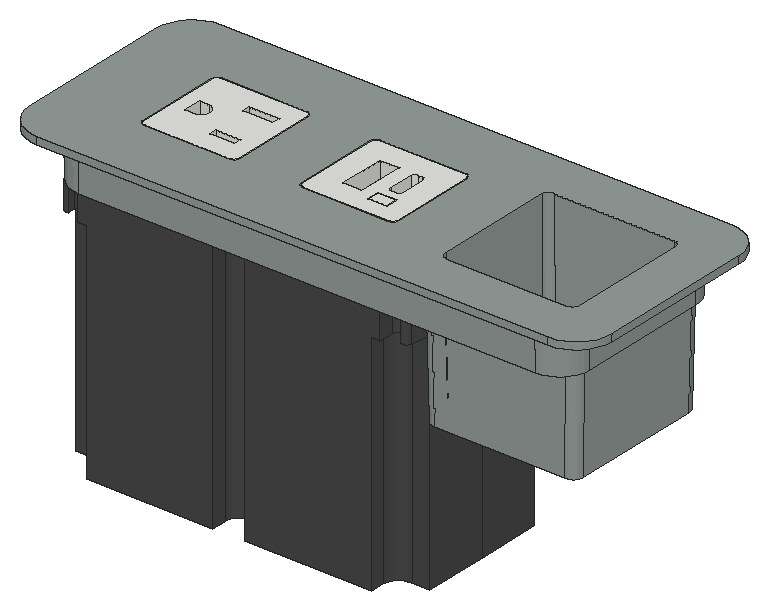
Revit family "Electrical-Teknion-MXPFP_Flush_Power_Module-R2023", category Furniture, Revit 2023 (continued)
Automatic sketch dimensions
  curve 276 to curve 25 = 0.06934"
  curve 273 to plane 7 "Front" = 1.42601"
  curve 273 to curve 28 = 0.06934"
  curve 272 to curve 272 = 0.05809"
  curve 277 to curve 277 = 0.05809"
  curve 271 to plane 7 "Front" = 1.38253"
  curve 272 to curve 271 = 0.02334"
  curve 278 to plane 6 "Back" = 1.38253"
  curve 277 to curve 278 = 0.02334"
  curve 277 to curve 278 = 0.02465"
  curve 271 to plane 7 "Front" = 1.45793"
  curve 272 to curve 271 = 0.02465"
  curve 270 to curve 29 = 0.000"
  curve 279 to curve 25 = 0.000"
  curve 281 to curve 17 = 0.02078"
  curve 268 to curve 21 = 0.02078"
  curve 281 to curve 39 = 0.03068"
  curve 268 to curve 31 = 0.03068"
  curve 233 to curve 267 = 0.00108"
  curve 242 to curve 282 = 0.00108"
  curve 32 to curve 264 = 0.03068"
  curve 38 to curve 284 = 0.03068"
  curve 263 to plane 7 "Front" = 1.29901"
  curve 21 to curve 263 = 0.02078"
  curve 24 to curve 285 = 0.02078"
  curve 286 to plane 6 "Back" = 1.45793"
  curve 286 to curve 37 = 0.08249"
  curve 263 to plane 7 "Front" = 1.45793"
  curve 263 to curve 33 = 0.08249"
  curve 262 to curve 33 = 0.000"
  curve 253 to curve 37 = 0.000"
  curve 254 to plane 6 "Back" = 1.38253"
  curve 253 to curve 254 = 0.00132"
  curve 261 to plane 7 "Front" = 1.38253"
  curve 262 to curve 261 = 0.00132"
  curve 262 to curve 260 = 0.02465"
  curve 253 to curve 255 = 0.02465"
  curve 259 to plane 7 "Front" = 1.42601"
  curve 260 to curve 259 = 0.05809"
  curve 256 to plane 6 "Back" = 1.42601"
  curve 255 to curve 256 = 0.05809"
  curve 257 to plane 6 "Back" = 1.63365"
  curve 257 to curve 24 = 0.03215"
  curve 258 to plane 7 "Front" = 1.63365"
  curve 258 to curve 23 = 0.03215"
  curve 247 to curve 257 = 0.09843"
  curve 284 to curve 252 = 0.06215"
  curve 278 to curve 277 = 0.02112"
  plane 1 "Center Front/Back" to curve 302 = 0.000"
  curve 184 to curve 305 = 0.00012"
  curve 298 to plane 7 "Front" = 1.45646"
  curve 208 to curve 298 = 0.00012"
  curve 114 to curve 304 = 0.00052"
  curve 110 to curve 299 = 0.00052"
  curve 300 to curve 111 = 0.0106"
  curve 303 to curve 113 = 0.0106"
  curve 302 to curve 63 = 0.22469"
  curve 302 to curve 113 = 0.04372"
  plane 1 "Center Front/Back" to curve 330 = 0.000"
  plane 1 "Center Front/Back" to curve 313 = 0.000"
  curve 195 to curve 330 = 0.00028"
  curve 194 to curve 332 = 0.00028"
  curve 196 to curve 329 = 0.00028"
  curve 198 to curve 329 = 0.00028"
  curve 193 to curve 332 = 0.00028"
  curve 193 to curve 333 = 0.00028"
  curve 198 to curve 328 = 0.00028"
  curve 193 to curve 334 = 0.00028"
  curve 327 to plane 7 "Front" = 1.38253"
  curve 198 to curve 327 = 0.00028"
  curve 199 to curve 327 = 0.00028"
  curve 191 to curve 334 = 0.00028"
  curve 191 to curve 335 = 0.00028"
  curve 200 to curve 326 = 0.00028"
  curve 338 to plane 6 "Back" = 1.45958"
  curve 323 to plane 7 "Front" = 1.45958"
  curve 110 to curve 320 = 0.03083"
  curve 115 to curve 308 = 0.03083"
  curve 308 to curve 90 = 0.08193"
  curve 319 to plane 7 "Front" = 1.45793"
  curve 319 to curve 82 = 0.08193"
  curve 318 to curve 299 = 0.000"
  curve 309 to curve 304 = 0.000"
  curve 317 to plane 7 "Front" = 1.38253"
  curve 317 to curve 82 = 0.06491"
  curve 310 to plane 6 "Back" = 1.38253"
  curve 310 to curve 90 = 0.06491"
  curve 318 to curve 316 = 0.02465"
  curve 309 to curve 311 = 0.02465"
  curve 315 to plane 7 "Front" = 1.42601"
  curve 315 to curve 220 = 0.01272"
  curve 312 to plane 6 "Back" = 1.42601"
  curve 312 to curve 211 = 0.01272"
  curve 314 to curve 120 = 0.01288"
  curve 312 to curve 119 = 0.01288"
  curve 301 to curve 313 = 0.09843"
  curve 198 to curve 329 = 0.000"
  curve 199 to curve 327 = 0.000"
  curve 196 to curve 329 = 0.000"
  curve 120 to curve 315 = 0.01926"
  curve 194 to curve 331 = 0.000"
  curve 313 to curve 119 = 0.01926"
  curve 310 to curve 311 = 0.02112"
  curve 191 to curve 335 = 0.000"
  curve 193 to curve 333 = 0.000"
  curve 193 to curve 332 = 0.000"
  curve 42 to curve 146 = 0.000"  (x2)
  curve 44 to curve 148 = 0.000"  (x2)
  curve 46 to curve 150 = 0.000"  (x2)
  curve 48 to curve 152 = 0.000"  (x2)
  curve 50 to curve 154 = 0.000"  (x2)
  curve 52 to curve 156 = 0.000"  (x2)
  curve 54 to curve 158 = 0.000"  (x2)
  curve 56 to curve 160 = 0.000"  (x2)
  curve 66 to curve 94 = 0.000"
  curve 68 to curve 96 = 0.000"  (x2)
  curve 70 to curve 98 = 0.000"  (x2)
  curve 72 to curve 100 = 0.000"  (x2)
  curve 75 to curve 103 = 0.000"
  curve 77 to curve 105 = 0.000"
  curve 31 to plane 3 "Center Left/Right" = 0.000"
  curve 39 to plane 3 "Center Left/Right" = 0.000"
  curve 197 to curve 77 = 0.01762"
  curve 194 to curve 76 = 0.01762"
  curve 202 to curve 231 = 0.09324"
  curve 47 to curve 45 = 0.06889"
  curve 20 to curve 273 = 0.07075"
  curve 19 to curve 276 = 0.07075"
  curve 27 to curve 25 = 0.05199"
  curve 26 to curve 25 = 0.02063"
  curve 28 to curve 28 = 0.03136"
  curve 279 to curve 240 = 0.08249"
  curve 270 to curve 270 = 0.08249"
  curve 269 to curve 233 = 0.09296"
  curve 280 to curve 241 = 0.09296"
  curve 30 to curve 233 = 0.06266"
  curve 40 to curve 241 = 0.06266"
  curve 18 to curve 5 = 0.23707"
  curve 5 to curve 6 = 0.06889"
  curve 4 to curve 3 = 0.06889"
  curve 188 to curve 338 = 0.00033"
  curve 204 to curve 322 = 0.00033"
  curve 339 to curve 55 = 0.16565"
  curve 55 to curve 153 = 0.06889"
  curve 8 to curve 1 = 0.06889"
  curve 281 to plane 3 "Center Left/Right" = 0.17994"
  curve 268 to plane 3 "Center Left/Right" = 0.17994"
  curve 32 to curve 265 = 0.02787"
  curve 38 to curve 284 = 0.02787"
  plane 3 "Center Left/Right" to curve 15 = 0.34311"
  curve 16 to curve 9 = 0.06889"
  curve 15 to curve 13 = 0.06889"
  curve 50 to curve 301 = 0.4615"
  curve 136 to curve 62 = 0.04984"
  curve 136 to curve 57 = 0.04984"
  curve 142 to curve 243 = 0.09714"
  curve 137 to curve 252 = 0.09714"
  curve 37 to curve 17 = 0.00952"
  curve 33 to curve 21 = 0.00952"
  curve 263 to curve 245 = 0.08249"
  curve 251 to curve 286 = 0.09471"
  curve 245 to curve 247 = 0.1054"
  curve 249 to curve 248 = 0.1054"
  plane 5 "Right" to curve 247 = 0.47224"
  curve 36 to curve 35 = 0.03136"
  curve 21 to curve 268 = 0.01944"
  curve 32 to curve 243 = 0.02983"
  curve 31 to curve 266 = 0.00309"
  curve 245 to curve 33 = 0.00003"
  curve 235 to curve 29 = 0.00003"
  curve 34 to curve 246 = 0.04372"
  curve 13 to curve 157 = 0.000"
  curve 47 to curve 66 = 0.26658"
  curve 160 to plane 1 "Center Front/Back" = 0.47383"
  curve 248 to curve 36 = 0.04372"
  curve 238 to curve 27 = 0.04372"
  curve 37 to curve 250 = 0.00003"
  curve 283 to curve 39 = 0.00309"
  curve 25 to curve 240 = 0.00003"
Nested families (in)
  nested 1: "Body 2" at (0, 0, 0), visible <- "Body 2 - C & 2R", type "Body 2"
    with To render please download texture images found here "https://assets.teknion.com/web/5e81352c1dfdb467/revit-material-swatches/", How To Use Teknion Materials User Guide "https://assets.teknion.com/m/205dd0a49fa58060/original/How-to-add-a-Material-Library-and-Texture-Images-to-your-Revit-project.pdf", For Additional Finishes please visit "https://assets.teknion.com/m/44a8009b046e5d47/original/Teknion_Materials_Library.zip"
  nested 2: "Body 3" at (0, 0, 0), visible <- "Body 3 - 3R", type "Body 3"
    with To render please download texture images found here "https://assets.teknion.com/web/5e81352c1dfdb467/revit-material-swatches/", How To Use Teknion Materials User Guide "https://assets.teknion.com/m/205dd0a49fa58060/original/How-to-add-a-Material-Library-and-Texture-Images-to-your-Revit-project.pdf", For Additional Finishes please visit "https://assets.teknion.com/m/44a8009b046e5d47/original/Teknion_Materials_Library.zip"
  nested 3: "Receptacle - Power" at (-1.34996, 0.0494, 1.38382) x (0, -1, 0) z (0, 0, 1), visible <- "Dual - 1 - Power", Receptacle Finish <- "Receptacle Finish", type "Receptacle - Power"
    with To render please download texture images found here "https://assets.teknion.com/web/5e81352c1dfdb467/revit-material-swatches/", Receptacle Finish Plastic - Teknion - 8D - Atrium White, How To Use Teknion Materials User Guide "https://assets.teknion.com/m/205dd0a49fa58060/original/How-to-add-a-Material-Library-and-Texture-Images-to-your-Revit-project.pdf", For Additional Finishes please visit "https://assets.teknion.com/m/44a8009b046e5d47/original/Teknion_Materials_Library.zip"
  nested 4: "Receptacle - USB - A + C (18W)" at (0.83643, -0.46413, 1.38382), visible <- "Dual - 2 - USB (18W)", Receptacle Finish <- "Receptacle Finish", type "Receptacle - USB - A + C (18W)"
    with To render please download texture images found here "https://assets.teknion.com/web/5e81352c1dfdb467/revit-material-swatches/", Receptacle Finish Plastic - Teknion - 8D - Atrium White, How To Use Teknion Materials User Guide "https://assets.teknion.com/m/205dd0a49fa58060/original/How-to-add-a-Material-Library-and-Texture-Images-to-your-Revit-project.pdf", For Additional Finishes please visit "https://assets.teknion.com/m/44a8009b046e5d47/original/Teknion_Materials_Library.zip"
  nested 5: "Receptacle - USB - A + C (65W)" at (0.83643, -0.46413, 1.38382), visible <- "Dual - 2 - USB (65W)", Receptacle Finish <- "Receptacle Finish", type "Receptacle - USB - A + C (65W)"
    with To render please download texture images found here "https://assets.teknion.com/web/5e81352c1dfdb467/revit-material-swatches/", Receptacle Finish Plastic - Teknion - 8D - Atrium White, How To Use Teknion Materials User Guide "https://assets.teknion.com/m/205dd0a49fa58060/original/How-to-add-a-Material-Library-and-Texture-Images-to-your-Revit-project.pdf", For Additional Finishes please visit "https://assets.teknion.com/m/44a8009b046e5d47/original/Teknion_Materials_Library.zip"
  nested 6: "Body 2" at (-0.88555, 0, 0), visible <- "Body 2 - T", type "Body 2"
    with To render please download texture images found here "https://assets.teknion.com/web/5e81352c1dfdb467/revit-material-swatches/", How To Use Teknion Materials User Guide "https://assets.teknion.com/m/205dd0a49fa58060/original/How-to-add-a-Material-Library-and-Texture-Images-to-your-Revit-project.pdf", For Additional Finishes please visit "https://assets.teknion.com/m/44a8009b046e5d47/original/Teknion_Materials_Library.zip"
  nested 7: "Receptacle - Power" at (0.42169, 0.0494, 1.38382) x (0, -1, 0) z (0, 0, 1), visible <- "Dual - 2 - Power", Receptacle Finish <- "Receptacle Finish", type "Receptacle - Power"
    with To render please download texture images found here "https://assets.teknion.com/web/5e81352c1dfdb467/revit-material-swatches/", Receptacle Finish Plastic - Teknion - 8D - Atrium White, How To Use Teknion Materials User Guide "https://assets.teknion.com/m/205dd0a49fa58060/original/How-to-add-a-Material-Library-and-Texture-Images-to-your-Revit-project.pdf", For Additional Finishes please visit "https://assets.teknion.com/m/44a8009b046e5d47/original/Teknion_Materials_Library.zip"
  nested 8: "Receptacle - Power" at (-2.23576, 0.0494, 1.38382) x (0, -1, 0) z (0, 0, 1), visible <- "Triple - 1 - Power", Receptacle Finish <- "Receptacle Finish", type "Receptacle - Power"
    with To render please download texture images found here "https://assets.teknion.com/web/5e81352c1dfdb467/revit-material-swatches/", Receptacle Finish Plastic - Teknion - 8D - Atrium White, How To Use Teknion Materials User Guide "https://assets.teknion.com/m/205dd0a49fa58060/original/How-to-add-a-Material-Library-and-Texture-Images-to-your-Revit-project.pdf", For Additional Finishes please visit "https://assets.teknion.com/m/44a8009b046e5d47/original/Teknion_Materials_Library.zip"
  nested 9: "Receptacle - Power" at (-0.46413, 0.0494, 1.38382) x (0, -1, 0) z (0, 0, 1), visible <- "Triple - 2 - Power", Receptacle Finish <- "Receptacle Finish", type "Receptacle - Power"
    with To render please download texture images found here "https://assets.teknion.com/web/5e81352c1dfdb467/revit-material-swatches/", Receptacle Finish Plastic - Teknion - 8D - Atrium White, How To Use Teknion Materials User Guide "https://assets.teknion.com/m/205dd0a49fa58060/original/How-to-add-a-Material-Library-and-Texture-Images-to-your-Revit-project.pdf", For Additional Finishes please visit "https://assets.teknion.com/m/44a8009b046e5d47/original/Teknion_Materials_Library.zip"
  nested 10: "Receptacle - USB - A + C (65W)" at (1.72222, -0.46413, 1.38382), visible <- "Triple - 3 - USB (65W)", Receptacle Finish <- "Receptacle Finish", type "Receptacle - USB - A + C (65W)"
    with To render please download texture images found here "https://assets.teknion.com/web/5e81352c1dfdb467/revit-material-swatches/", Receptacle Finish Plastic - Teknion - 8D - Atrium White, How To Use Teknion Materials User Guide "https://assets.teknion.com/m/205dd0a49fa58060/original/How-to-add-a-Material-Library-and-Texture-Images-to-your-Revit-project.pdf", For Additional Finishes please visit "https://assets.teknion.com/m/44a8009b046e5d47/original/Teknion_Materials_Library.zip"
  nested 11: "Receptacle - USB - A + C (18W)" at (1.72222, -0.46413, 1.38382), visible <- "Triple - 3 - USB (18W)", Receptacle Finish <- "Receptacle Finish", type "Receptacle - USB - A + C (18W)"
    with To render please download texture images found here "https://assets.teknion.com/web/5e81352c1dfdb467/revit-material-swatches/", Receptacle Finish Plastic - Teknion - 8D - Atrium White, How To Use Teknion Materials User Guide "https://assets.teknion.com/m/205dd0a49fa58060/original/How-to-add-a-Material-Library-and-Texture-Images-to-your-Revit-project.pdf", For Additional Finishes please visit "https://assets.teknion.com/m/44a8009b046e5d47/original/Teknion_Materials_Library.zip"
  nested 12: "Receptacle - Power" at (1.30749, 0.0494, 1.38382) x (0, -1, 0) z (0, 0, 1), visible <- "Triple - 3 - Power", Receptacle Finish <- "Receptacle Finish", type "Receptacle - Power"
    with To render please download texture images found here "https://assets.teknion.com/web/5e81352c1dfdb467/revit-material-swatches/", Receptacle Finish Plastic - Teknion - 8D - Atrium White, How To Use Teknion Materials User Guide "https://assets.teknion.com/m/205dd0a49fa58060/original/How-to-add-a-Material-Library-and-Texture-Images-to-your-Revit-project.pdf", For Additional Finishes please visit "https://assets.teknion.com/m/44a8009b046e5d47/original/Teknion_Materials_Library.zip"
  nested 13: "Receptacle - USB - A + C (65W)" at (-0.0494, -0.46413, 1.38382), visible <- "Triple - 2 - USB (65W)", Receptacle Finish <- "Receptacle Finish", type "Receptacle - USB - A + C (65W)"
    with To render please download texture images found here "https://assets.teknion.com/web/5e81352c1dfdb467/revit-material-swatches/", Receptacle Finish Plastic - Teknion - 8D - Atrium White, How To Use Teknion Materials User Guide "https://assets.teknion.com/m/205dd0a49fa58060/original/How-to-add-a-Material-Library-and-Texture-Images-to-your-Revit-project.pdf", For Additional Finishes please visit "https://assets.teknion.com/m/44a8009b046e5d47/original/Teknion_Materials_Library.zip"
  nested 14: "Receptacle - USB - A + C (18W)" at (-0.0494, -0.46413, 1.38382), visible <- "Triple - 2 - USB (18W)", Receptacle Finish <- "Receptacle Finish", type "Receptacle - USB - A + C (18W)"
    with To render please download texture images found here "https://assets.teknion.com/web/5e81352c1dfdb467/revit-material-swatches/", Receptacle Finish Plastic - Teknion - 8D - Atrium White, How To Use Teknion Materials User Guide "https://assets.teknion.com/m/205dd0a49fa58060/original/How-to-add-a-Material-Library-and-Texture-Images-to-your-Revit-project.pdf", For Additional Finishes please visit "https://assets.teknion.com/m/44a8009b046e5d47/original/Teknion_Materials_Library.zip"
  nested 15: "Teknion_2D_Node_Family-R2016" at (0, 0, 0), type "Teknion_2D_Node_Family-R2016"
Definition of nested family "Body 2"
  Parameters (values of type "Body 2")
    Warranty = "http://www.teknion.com/ca/papers/legal-canada"
    Unit Weight URL = "http://www.teknion.com/ca/tools/assets#&asset=bee6a381-b954-425e-8283-5a2de3a804f2,f828d448-4b62-4231-9e5f-9a8991c0ed77"
    URL = "www.teknion.com"
    To render please download texture images found here [instance] = "https://assets.teknion.com/web/5e81352c1dfdb467/revit-material-swatches/"
    Sustainability Data = "https://www.teknion.com/ca/tools/assets#&topic=216f99a5-57a0-44fc-b10a-9dee9b29ae4c&asset=444deb64-fe58-4b68-981e-f75e97781df7,b4ff2d81-9f2e-437d-9659-7cffb09c31cf"
    Series = ""
    Product Page URL = ""
    Product Line = ""
    Product Documentation Link = ""
    Part Number = ""
    Model = ""
    Manufacturer Phone = "416-661-3370"  # constant formula
    Manufacturer Fax = "416.661.4586"  # constant formula
    Manufacturer Contact Information = "http://www.teknion.com/ca/contactus"
    Manufacturer Address = "1150 Flint Road, Toronto, ON. M3J 2J5. Canada"  # constant formula
    Manufacturer = "Teknion"  # constant formula
    How To Use Teknion Materials User Guide [instance] = "https://assets.teknion.com/m/205dd0a49fa58060/original/How-to-add-a-Material-Library-and-Texture-Images-to-your-Revit-project.pdf"
    For Additional Finishes please visit [instance] = "https://assets.teknion.com/m/44a8009b046e5d47/original/Teknion_Materials_Library.zip"
    Description = "Body 2"
    Default Elevation = 0.000"
    Assembly Code = "E2020200"
  Reference planes (in)
    plane 1 "Center Front/Back": y = 0
    plane 2: z = 0
    plane 3 "Center Left/Right": x = 0
    plane 4 "Left": x = -1.98819
    plane 5 "Right": x = 1.98819
    plane 6 "Back": y = 1.06299
    plane 7 "Front": y = -1.06299
    plane 8 "Top": z = 28.99038
    plane 9: z = 25.69291
  Forms (in)
    Sweep 1, solid
      path origin (0, 0, 0) x (1, 0, 0) y (0, 0, 1)
        loop
          line (0, 28.99038) -> (0, 25.69291)
      profile origin (0, 0, 27.34165) x (0, -1, 0) y (1, 0, 0)
        loop
          line (0, -1.98819) -> (0.72835, -1.97548) -> (0.93599, -1.93688)
          arc (0.93599, -1.93688) -> (0.97731, -1.90662) -> (0.97947, -1.85546) r 0.05908
          line (0.97947, -1.85546) -> (0.90407, -1.85414)
          arc (0.90407, -1.85414) -> (0.82158, -1.77165) -> (0.90407, -1.68917) r 0.08249
          line (0.90407, -1.68917) -> (1.06299, -1.68639) -> (1.06299, -0.17994) -> (0.90242, -0.17714)
          arc (0.90242, -0.17714) -> (0.72528, 0) -> (0.90242, 0.17714) r 0.17714
          line (0.90242, 0.17714) -> (1.06299, 0.17994) -> (1.06299, 1.68639) -> (0.90407, 1.68917)
          arc (0.90407, 1.68917) -> (0.82158, 1.77165) -> (0.90407, 1.85414) r 0.08249
          line (0.90407, 1.85414) -> (0.97947, 1.85546)
          arc (0.97947, 1.85546) -> (0.97731, 1.90662) -> (0.93599, 1.93688) r 0.05908
          line (0.93599, 1.93688) -> (0.72835, 1.97548) -> (0, 1.98819) -> (-0.72835, 1.97548) -> (-0.93599, 1.93688)
          arc (-0.93599, 1.93688) -> (-0.97731, 1.90662) -> (-0.97947, 1.85546) r 0.05908
          line (-0.97947, 1.85546) -> (-0.90407, 1.85414)
          arc (-0.90407, 1.85414) -> (-0.82158, 1.77165) -> (-0.90407, 1.68917) r 0.08249
          line (-0.90407, 1.68917) -> (-1.06299, 1.68639) -> (-1.06299, 0.17994) -> (-0.90242, 0.17714)
          arc (-0.90242, 0.17714) -> (-0.72528, 0) -> (-0.90242, -0.17714) r 0.17714
          line (-0.90242, -0.17714) -> (-1.06299, -0.17994) -> (-1.06299, -1.68639) -> (-0.90407, -1.68917)
          arc (-0.90407, -1.68917) -> (-0.82158, -1.77165) -> (-0.90407, -1.85414) r 0.08249
          line (-0.90407, -1.85414) -> (-0.97947, -1.85546)
          arc (-0.97947, -1.85546) -> (-0.97731, -1.90662) -> (-0.93599, -1.93688) r 0.05908
          line (-0.93599, -1.93688) -> (-0.72835, -1.97548) -> (0, -1.98819)
    Sweep 2, void
      path origin (0, 0, 0) x (1, 0, 0) y (0, 0, 1)
        loop
          line (0, 28.23115) -> (0, 24.98115)
      profile origin (0, 0, 26.60615) x (0, -1, 0) y (1, 0, 0)
        loop
          line (-0.90554, -1.59446) -> (-1.06299, -1.59171) -> (-1.06299, -1.98819) -> (-0.72835, -1.98819) -> (-0.72835, -1.77165)
          arc (-0.72835, -1.77165) -> (-0.78025, -1.64636) -> (-0.90554, -1.59446) r 0.17719
        loop
          arc (-0.90554, 1.59446) -> (-0.78025, 1.64636) -> (-0.72835, 1.77165) r 0.17719
          line (-0.72835, 1.77165) -> (-0.72835, 1.98819) -> (-1.06299, 1.98819) -> (-1.06299, 1.59171) -> (-0.90554, 1.59446)
        loop
          arc (0.90554, -1.59446) -> (0.78025, -1.64636) -> (0.72835, -1.77165) r 0.17719
          line (0.72835, -1.77165) -> (0.72835, -1.98819) -> (1.06299, -1.98819) -> (1.06299, -1.59171) -> (0.90554, -1.59446)
        loop
          line (0.90554, 1.59446) -> (1.06299, 1.59171) -> (1.06299, 1.98819) -> (0.72835, 1.98819) -> (0.72835, 1.77165)
          arc (0.72835, 1.77165) -> (0.78025, 1.64636) -> (0.90554, 1.59446) r 0.17719
    Sweep 3, void
      path origin (0, 0, 0) x (1, 0, 0) y (0, 0, 1)
        loop
          line (0, 29.24673) -> (0, 28.52756)
      profile origin (0, 0, 28.88715) x (0, -1, 0) y (1, 0, 0)
        loop
          line (0, -1.88976) -> (0.72835, -1.87705) -> (0.72835, -1.77165)
          arc (0.72835, -1.77165) -> (0.78025, -1.64636) -> (0.90554, -1.59446) r 0.17719
          line (0.90554, -1.59446) -> (0.96457, -1.59343) -> (0.96457, 1.59343) -> (0.90554, 1.59446)
          arc (0.90554, 1.59446) -> (0.78025, 1.64636) -> (0.72835, 1.77165) r 0.17719
          line (0.72835, 1.77165) -> (0.72835, 1.87705) -> (0, 1.88976) -> (-0.72835, 1.87705) -> (-0.72835, 1.77165)
          arc (-0.72835, 1.77165) -> (-0.78025, 1.64636) -> (-0.90554, 1.59446) r 0.17719
          line (-0.90554, 1.59446) -> (-0.96457, 1.59343) -> (-0.96457, -1.59343) -> (-0.90554, -1.59446)
          arc (-0.90554, -1.59446) -> (-0.78025, -1.64636) -> (-0.72835, -1.77165) r 0.17719
          line (-0.72835, -1.77165) -> (-0.72835, -1.87705) -> (0, -1.88976)
        loop
          line (-1.26924, -2.33388) -> (1.37236, -2.33388) -> (1.37236, 2.41612) -> (-1.26924, 2.41612) -> (-1.26924, -2.33388)
    Sweep 4, void
      path origin (0, 0, 0) x (1, 0, 0) y (0, 0, 1)
        loop
          line (0, 28.87913) -> (0, 29.37913)
      profile origin (0, 0, 29.12913) x (-1, 0, 0) y (0, -1, 0)
        loop
          line (1.42743, -0.55118) -> (1.42743, 0.55118) -> (0.34427, 0.55118) -> (0.34427, -0.55118) -> (1.42743, -0.55118)
        loop
          line (-0.3443, -0.55118) -> (-0.3443, 0.55118) -> (-1.42739, 0.55118) -> (-1.42739, -0.55118) -> (-0.3443, -0.55118)
  Cuts and joins
    Sweep 2, Sweep 3, Sweep 4 cuts Sweep 1
  Lines and regions (in)
    symbolic lines
      curve 1: line (-0.17994, 1.06299, 0) -> (-1.68639, 1.06299, 0)
      curve 2: line (-1.68639, 1.06299, 0) -> (-1.68917, 0.90407, 0)
      curve 3: arc (-1.68917, 0.90407, 0) -> (-1.77165, 0.82158, 0) -> (-1.85414, 0.90407, 0) r 0.08249
      curve 4: line (-1.85414, 0.90407, 0) -> (-1.85546, 0.97947, 0)
      curve 5: arc (-1.85546, 0.97947, 0) -> (-1.90662, 0.97731, 0) -> (-1.93688, 0.93599, 0) r 0.05908
      curve 6: line (-1.93688, 0.93599, 0) -> (-1.97548, 0.72835, 0)
      curve 7: line (-1.97548, 0.72835, 0) -> (-1.98819, 0, 0)
      curve 8: line (-0.17714, 0.90242, 0) -> (-0.17994, 1.06299, 0)
      curve 9: arc (0.17714, 0.90242, 0) -> (0, 0.72528, 0) -> (-0.17714, 0.90242, 0) r 0.17714
      curve 10: line (-1.59343, 0.96457, 0) -> (-0.17822, 0.96457, 0)
      curve 11: arc (-1.77165, 0.72835, 0) -> (-1.64636, 0.78025, 0) -> (-1.59446, 0.90554, 0) r 0.17719
      curve 12: line (-1.59446, 0.90554, 0) -> (-1.59343, 0.96457, 0)
      curve 13: line (-1.88976, 0, 0) -> (-1.87705, 0.72835, 0)
      curve 14: line (-1.87705, 0.72835, 0) -> (-1.77165, 0.72835, 0)
      curve 15: line (-0.34427, 0.55118, 0) -> (-1.42743, 0.55118, 0)
      curve 16: line (-1.42743, 0.55118, 0) -> (-1.42743, -0.55118, 0)
      curve 17: line (-0.34427, -0.55118, 0) -> (-0.34427, 0.55118, 0)
      curve 18: line (0.17994, 1.06299, 0) -> (1.68639, 1.06299, 0)
      curve 19: line (1.68639, 1.06299, 0) -> (1.68917, 0.90407, 0)
      curve 20: arc (1.68917, 0.90407, 0) -> (1.77165, 0.82158, 0) -> (1.85414, 0.90407, 0) r 0.08249
      curve 21: line (1.85414, 0.90407, 0) -> (1.85546, 0.97947, 0)
      curve 22: arc (1.85546, 0.97947, 0) -> (1.90662, 0.97731, 0) -> (1.93688, 0.93599, 0) r 0.05908
      curve 23: line (1.93688, 0.93599, 0) -> (1.97548, 0.72835, 0)
      curve 24: line (1.97548, 0.72835, 0) -> (1.98819, 0, 0)
      curve 25: line (0.17714, 0.90242, 0) -> (0.17994, 1.06299, 0)
      curve 26: line (1.59343, 0.96457, 0) -> (0.17822, 0.96457, 0)
      curve 27: arc (1.77165, 0.72835, 0) -> (1.64636, 0.78025, 0) -> (1.59446, 0.90554, 0) r 0.17719
      curve 28: line (1.59446, 0.90554, 0) -> (1.59343, 0.96457, 0)
      curve 29: line (1.88976, 0, 0) -> (1.87705, 0.72835, 0)
      curve 30: line (1.87705, 0.72835, 0) -> (1.77165, 0.72835, 0)
      curve 31: line (0.34427, 0.55118, 0) -> (1.42743, 0.55118, 0)
      curve 32: line (1.42743, 0.55118, 0) -> (1.42743, -0.55118, 0)
      curve 33: line (0.34427, -0.55118, 0) -> (0.34427, 0.55118, 0)
      curve 34: line (-0.17994, -1.06299, 0) -> (-1.68639, -1.06299, 0)
      curve 35: line (-1.68639, -1.06299, 0) -> (-1.68917, -0.90407, 0)
      curve 36: arc (-1.68917, -0.90407, 0) -> (-1.77165, -0.82158, 0) -> (-1.85414, -0.90407, 0) r 0.08249
      curve 37: line (-1.85414, -0.90407, 0) -> (-1.85546, -0.97947, 0)
      curve 38: arc (-1.85546, -0.97947, 0) -> (-1.90662, -0.97731, 0) -> (-1.93688, -0.93599, 0) r 0.05908
      curve 39: line (-1.93688, -0.93599, 0) -> (-1.97548, -0.72835, 0)
      curve 40: line (-1.97548, -0.72835, 0) -> (-1.98819, 0, 0)
      curve 41: line (-0.17714, -0.90242, 0) -> (-0.17994, -1.06299, 0)
      curve 42: arc (0.17714, -0.90242, 0) -> (0, -0.72528, 0) -> (-0.17714, -0.90242, 0) r 0.17714
      curve 43: line (-1.59343, -0.96457, 0) -> (-0.17822, -0.96457, 0)
      curve 44: arc (-1.77165, -0.72835, 0) -> (-1.64636, -0.78025, 0) -> (-1.59446, -0.90554, 0) r 0.17719
      curve 45: line (-1.59446, -0.90554, 0) -> (-1.59343, -0.96457, 0)
      curve 46: line (-1.88976, 0, 0) -> (-1.87705, -0.72835, 0)
      curve 47: line (-1.87705, -0.72835, 0) -> (-1.77165, -0.72835, 0)
      curve 48: line (-0.34427, -0.55118, 0) -> (-1.42743, -0.55118, 0)
      curve 49: line (0.17994, -1.06299, 0) -> (1.68639, -1.06299, 0)
      curve 50: line (1.68639, -1.06299, 0) -> (1.68917, -0.90407, 0)
      curve 51: arc (1.68917, -0.90407, 0) -> (1.77165, -0.82158, 0) -> (1.85414, -0.90407, 0) r 0.08249
      curve 52: line (1.85414, -0.90407, 0) -> (1.85546, -0.97947, 0)
      curve 53: arc (1.85546, -0.97947, 0) -> (1.90662, -0.97731, 0) -> (1.93688, -0.93599, 0) r 0.05908
      curve 54: line (1.93688, -0.93599, 0) -> (1.97548, -0.72835, 0)
      curve 55: line (1.97548, -0.72835, 0) -> (1.98819, 0, 0)
      curve 56: line (0.17714, -0.90242, 0) -> (0.17994, -1.06299, 0)
      curve 57: line (1.59343, -0.96457, 0) -> (0.17822, -0.96457, 0)
      curve 58: arc (1.77165, -0.72835, 0) -> (1.64636, -0.78025, 0) -> (1.59446, -0.90554, 0) r 0.17719
      curve 59: line (1.59446, -0.90554, 0) -> (1.59343, -0.96457, 0)
      curve 60: line (1.88976, 0, 0) -> (1.87705, -0.72835, 0)
      curve 61: line (1.87705, -0.72835, 0) -> (1.77165, -0.72835, 0)
      curve 62: line (0.34427, -0.55118, 0) -> (1.42743, -0.55118, 0)
    symbolic lines, detail levels medium+fine
      curve 63: line (-1.59446, 0.90554, 0) -> (-1.59171, 1.06299, 0)
      curve 64: line (-1.97548, 0.72835, 0) -> (-1.77165, 0.72835, 0)
      curve 65: line (-1.77165, -0.72835, 0) -> (-1.97548, -0.72835, 0)
      curve 66: line (-1.59171, -1.06299, 0) -> (-1.59446, -0.90554, 0)
      curve 67: line (1.59446, -0.90554, 0) -> (1.59171, -1.06299, 0)
      curve 68: line (1.97548, -0.72835, 0) -> (1.77165, -0.72835, 0)
      curve 69: line (1.77165, 0.72835, 0) -> (1.97548, 0.72835, 0)
      curve 70: line (1.59171, 1.06299, 0) -> (1.59446, 0.90554, 0)
  Dimensions and locks (in)
    plane 4 "Left" to plane 5 "Right" = 3.97638"
    plane 6 "Back" to plane 7 "Front" = 2.12598"
    locked: plane 8 "Top" to level at 28.99038
    equal spacing: plane 6 "Back", plane 1 "Center Front/Back", plane 7 "Front"
    equal spacing: plane 4 "Left", plane 3 "Center Left/Right", plane 5 "Right"
    locked: plane 8 "Top" to plane 9 at 3.29747
    aligned and locked: level to plane 2
    aligned and locked: Sweep 1 sketch curve to plane 3 "Center Left/Right"
    aligned and locked: Sweep 2 sketch curve to plane 3 "Center Left/Right"
    aligned and locked: Sweep 3 sketch curve to plane 3 "Center Left/Right"
    aligned and locked: plane 3 "Center Left/Right" to Sweep 4 sketch curve
  Automatic sketch dimensions
    Sweep 1 sketch curve to plane 9 = 0.000"
    plane 8 "Top" to Sweep 1 sketch curve = 0.000"
    Sweep 1 sketch curve to profile plane = 0.000"  (x2)
    Sweep 1 sketch curve to plane 1 "Center Front/Back" = 0.000"
    plane 1 "Center Front/Back" to Sweep 1 sketch curve = 0.000"
    Sweep 1 sketch curve to plane 1 "Center Front/Back" = 0.72835"  (x2)
    Sweep 1 sketch curve to profile plane = 0.17714"
    Sweep 1 sketch curve to plane 1 "Center Front/Back" = 0.90242"
    Sweep 1 sketch curve to Sweep 1 sketch curve = 0.17573"  (x4)
    Sweep 1 sketch curve to Sweep 1 sketch curve = 0.02112"  (x4)
    Sweep 1 sketch curve to Sweep 1 sketch curve = 0.0108"  (x4)
    Sweep 1 sketch curve to Sweep 1 sketch curve = 0.05428"  (x4)
    Sweep 1 sketch curve to Sweep 1 sketch curve = 0.16057"  (x2)
    Sweep 1 sketch curve to Sweep 1 sketch curve = 0.15892"  (x2)
    plane 1 "Center Front/Back" to Sweep 1 sketch curve = 0.72835"  (x2)
    plane 1 "Center Front/Back" to Sweep 1 sketch curve = 0.90242"
    Sweep 1 sketch curve to profile plane = 0.17994"
    Sweep 1 sketch curve to Sweep 1 sketch curve = 0.0028"  (x3)
    profile plane to Sweep 1 sketch curve = 0.17994"
    Sweep 1 sketch curve to Sweep 1 sketch curve = 1.50645"  (x4)
    Sweep 1 sketch curve to Sweep 1 sketch curve = 0.00277"  (x4)
    Sweep 1 sketch curve to Sweep 1 sketch curve = 0.08249"  (x4)
    Sweep 1 sketch curve to Sweep 1 sketch curve = 0.00132"  (x4)
    Sweep 1 sketch curve to Sweep 1 sketch curve = 0.02465"  (x4)
    Sweep 1 sketch curve to Sweep 1 sketch curve = 0.03859"  (x4)
    Sweep 1 sketch curve to Sweep 1 sketch curve = 0.01271"  (x2)
    Sweep 2 sketch curve to plane 9 = 0.71176"
    Sweep 2 sketch curve to plane 8 "Top" = 0.75923"
    Sweep 2 sketch curve to plane 1 "Center Front/Back" = 1.06299"  (x2)
    Sweep 2 sketch curve to Sweep 2 sketch curve = 0.15745"  (x4)
    Sweep 2 sketch curve to Sweep 2 sketch curve = 0.17719"  (x4)
    plane 1 "Center Front/Back" to Sweep 2 sketch curve = 0.72835"  (x2)
    profile plane to Sweep 2 sketch curve = 1.98819"
    Sweep 2 sketch curve to Sweep 2 sketch curve = 0.000"
    Sweep 2 sketch curve to Sweep 2 sketch curve = 0.21654"  (x4)
    Sweep 2 sketch curve to Sweep 2 sketch curve = 0.00275"  (x4)
    Sweep 2 sketch curve to profile plane = 1.59171"  (x2)
    Sweep 3 sketch curve to plane 8 "Top" = 0.46282"
    plane 8 "Top" to Sweep 3 sketch curve = 0.25635"
    plane 1 "Center Front/Back" to Sweep 3 sketch curve = 0.000"  (x2)
    Sweep 3 sketch curve to plane 1 "Center Front/Back" = 0.72835"  (x2)
    Sweep 3 sketch curve to Sweep 3 sketch curve = 0.17719"  (x4)
    Sweep 3 sketch curve to Sweep 3 sketch curve = 0.05903"  (x2)
    Sweep 3 sketch curve to Sweep 3 sketch curve = 0.3637"
    plane 1 "Center Front/Back" to Sweep 3 sketch curve = 0.72835"  (x2)
    Sweep 3 sketch curve to Sweep 3 sketch curve = 0.46682"
    profile plane to Sweep 3 sketch curve = 2.33388"
    Sweep 3 sketch curve to Sweep 3 sketch curve = 0.44411"
    Sweep 3 sketch curve to Sweep 3 sketch curve = 0.45683"
    Sweep 3 sketch curve to Sweep 3 sketch curve = 0.01271"  (x2)
    Sweep 3 sketch curve to Sweep 3 sketch curve = 0.1054"  (x4)
    Sweep 3 sketch curve to Sweep 3 sketch curve = 0.00103"  (x4)
    Sweep 3 sketch curve to profile plane = 1.59343"  (x2)
    Sweep 3 sketch curve to Sweep 3 sketch curve = 0.64447"
    Sweep 4 sketch curve to plane 8 "Top" = 0.11125"
    plane 8 "Top" to Sweep 4 sketch curve = 0.38875"
    Sweep 4 sketch curve to plane 1 "Center Front/Back" = 0.55118"  (x2)
    profile plane to Sweep 4 sketch curve = 1.42739"
    profile plane to Sweep 4 sketch curve = 0.3443"
    Sweep 4 sketch curve to profile plane = 0.34427"
    Sweep 4 sketch curve to Sweep 4 sketch curve = 1.08316"
    plane 1 "Center Front/Back" to Sweep 4 sketch curve = 0.55118"  (x2)
    curve 7 to plane 1 "Center Front/Back" = 0.000"
    curve 7 to plane 4 "Left" = 0.000"
    plane 1 "Center Front/Back" to curve 46 = 0.000"
    plane 7 "Front" to curve 34 = 0.000"
    curve 1 to plane 6 "Back" = 0.000"
    curve 9 to plane 3 "Center Left/Right" = 0.000"
    curve 42 to plane 3 "Center Left/Right" = 0.000"
    plane 7 "Front" to curve 56 = 0.000"
    curve 25 to plane 6 "Back" = 0.000"
    plane 1 "Center Front/Back" to curve 60 = 0.000"
    plane 1 "Center Front/Back" to curve 55 = 0.000"
    curve 55 to plane 5 "Right" = 0.000"
    plane 4 "Left" to curve 39 = 0.01271"
    plane 4 "Left" to curve 7 = 0.01271"
    plane 4 "Left" to curve 6 = 0.05131"
    plane 4 "Left" to curve 39 = 0.05131"
    plane 4 "Left" to curve 46 = 0.09843"
    curve 5 to curve 5 = 0.05809"
    curve 38 to curve 38 = 0.05809"
    curve 40 to curve 46 = 0.09843"
    curve 6 to curve 14 = 0.09843"
    curve 4 to plane 6 "Back" = 0.08352"
    curve 5 to curve 4 = 0.02334"
    curve 37 to plane 7 "Front" = 0.08352"
    curve 38 to curve 37 = 0.02334"
    curve 5 to curve 4 = 0.02465"
    curve 38 to curve 37 = 0.02465"
    curve 36 to curve 36 = 0.08249"
    curve 3 to curve 3 = 0.08249"
    curve 11 to curve 3 = 0.000"
    curve 46 to curve 47 = 0.1054"
    curve 35 to curve 34 = 0.00277"
    curve 2 to curve 1 = 0.00277"
    curve 45 to plane 7 "Front" = 0.15745"
    curve 35 to curve 45 = 0.09471"
    curve 12 to plane 6 "Back" = 0.15745"
    curve 3 to curve 12 = 0.09471"
    curve 12 to plane 6 "Back" = 0.09843"
    curve 12 to curve 12 = 0.00103"
    curve 45 to plane 7 "Front" = 0.09843"
    curve 44 to curve 45 = 0.00103"
    curve 11 to curve 16 = 0.34422"
    curve 15 to plane 3 "Center Left/Right" = 0.34427"
    curve 34 to plane 3 "Center Left/Right" = 0.17994"
    curve 1 to plane 3 "Center Left/Right" = 0.17994"
    curve 34 to curve 41 = 0.0028"
    curve 1 to curve 8 = 0.0028"
    curve 56 to curve 56 = 0.0028"
    curve 25 to curve 25 = 0.0028"
    plane 3 "Center Left/Right" to curve 33 = 0.34427"
    plane 5 "Right" to curve 31 = 0.56076"
    curve 26 to plane 6 "Back" = 0.09843"
    plane 5 "Right" to curve 26 = 0.39476"
    curve 59 to plane 7 "Front" = 0.09843"
    plane 5 "Right" to curve 59 = 0.39476"
    curve 28 to plane 6 "Back" = 0.15745"
    curve 26 to curve 28 = 0.00103"
    curve 59 to plane 7 "Front" = 0.15745"
    curve 57 to curve 59 = 0.00103"
    curve 26 to curve 18 = 0.09296"
    curve 57 to curve 50 = 0.09296"
    curve 27 to curve 19 = 0.09471"
    curve 58 to curve 50 = 0.09471"
    curve 20 to curve 30 = 0.08249"
    curve 50 to curve 58 = 0.08249"
    curve 51 to curve 58 = 0.000"
    curve 20 to curve 27 = 0.000"
    curve 51 to curve 52 = 0.00132"
    curve 20 to curve 21 = 0.00132"
    curve 58 to curve 61 = 0.1054"
    curve 27 to curve 29 = 0.1054"
    curve 20 to curve 22 = 0.02465"
    curve 51 to curve 53 = 0.02465"
    plane 5 "Right" to curve 60 = 0.09843"
    plane 5 "Right" to curve 23 = 0.05131"
    plane 5 "Right" to curve 54 = 0.05131"
    plane 5 "Right" to curve 24 = 0.01271"
    plane 5 "Right" to curve 54 = 0.01271"
    curve 52 to plane 7 "Front" = 0.08352"
    curve 52 to curve 54 = 0.04348"
    curve 37 to curve 39 = 0.04348"
    curve 58 to curve 51 = 0.00147"
    curve 44 to curve 36 = 0.00147"
    curve 42 to plane 7 "Front" = 0.16057"
    curve 47 to curve 16 = 0.17716"
    curve 56 to curve 33 = 0.35124"
    curve 15 to curve 11 = 0.17716"
    curve 32 to curve 30 = 0.17716"
    curve 25 to curve 26 = 0.06215"
    curve 4 to curve 5 = 0.0754"
    curve 21 to curve 27 = 0.00147"
    curve 3 to curve 5 = 0.02112"
    curve 20 to curve 22 = 0.02112"
    curve 22 to curve 23 = 0.0108"
    curve 1 to curve 63 = 0.09468"
    curve 34 to curve 66 = 0.09468"
    curve 67 to curve 49 = 0.09468"
    curve 70 to curve 18 = 0.09468"
Definition of nested family "Body 3"
  Parameters (values of type "Body 3")
    Warranty = "http://www.teknion.com/ca/papers/legal-canada"
    Unit Weight URL = "http://www.teknion.com/ca/tools/assets#&asset=bee6a381-b954-425e-8283-5a2de3a804f2,f828d448-4b62-4231-9e5f-9a8991c0ed77"
    URL = "www.teknion.com"
    To render please download texture images found here [instance] = "https://assets.teknion.com/web/5e81352c1dfdb467/revit-material-swatches/"
    Sustainability Data = "https://www.teknion.com/ca/tools/assets#&topic=216f99a5-57a0-44fc-b10a-9dee9b29ae4c&asset=444deb64-fe58-4b68-981e-f75e97781df7,b4ff2d81-9f2e-437d-9659-7cffb09c31cf"
    Series = ""
    Product Page URL = ""
    Product Line = ""
    Product Documentation Link = ""
    Part Number = ""
    Model = ""
    Manufacturer Phone = "416-661-3370"  # constant formula
    Manufacturer Fax = "416.661.4586"  # constant formula
    Manufacturer Contact Information = "http://www.teknion.com/ca/contactus"
    Manufacturer Address = "1150 Flint Road, Toronto, ON. M3J 2J5. Canada"  # constant formula
    Manufacturer = "Teknion"  # constant formula
    How To Use Teknion Materials User Guide [instance] = "https://assets.teknion.com/m/205dd0a49fa58060/original/How-to-add-a-Material-Library-and-Texture-Images-to-your-Revit-project.pdf"
    For Additional Finishes please visit [instance] = "https://assets.teknion.com/m/44a8009b046e5d47/original/Teknion_Materials_Library.zip"
    Description = "Body 3"
    Default Elevation = 0.000"
    Assembly Code = "E2020200"
  Reference planes (in)
    plane 1 "Center Front/Back": y = 0
    plane 2: z = 0
    plane 3 "Center Left/Right": x = 0
    plane 4 "Left": x = -2.87402
    plane 5 "Right": x = 2.87402
    plane 6 "Back": y = 1.06299
    plane 7 "Front": y = -1.06299
    plane 8 "Top": z = 28.99038
    plane 9: z = 25.69291
  Forms (in)
    Sweep 1, solid
      path origin (0, 0, 0) x (1, 0, 0) y (0, 0, 1)
        loop
          line (0, 28.99038) -> (0, 25.69291)
      profile origin (0, 0, 27.34165) x (0, -1, 0) y (1, 0, 0)
        loop
          line (0, -2.87402) -> (0.72835, -2.8613) -> (0.93599, -2.82271)
          arc (0.93599, -2.82271) -> (0.97731, -2.79245) -> (0.97947, -2.74128) r 0.05908
          line (0.97947, -2.74128) -> (0.90407, -2.73997)
          arc (0.90407, -2.73997) -> (0.82158, -2.65748) -> (0.90407, -2.57499) r 0.08249
          line (0.90407, -2.57499) -> (1.06299, -2.57222) -> (1.06299, -1.06577) -> (0.90242, -1.06297)
          arc (0.90242, -1.06297) -> (0.72528, -0.88583) -> (0.90242, -0.70869) r 0.17714
          line (0.90242, -0.70869) -> (1.06299, -0.70589) -> (1.06299, 0.70589) -> (0.90242, 0.70869)
          arc (0.90242, 0.70869) -> (0.72528, 0.88583) -> (0.90242, 1.06297) r 0.17714
          line (0.90242, 1.06297) -> (1.06299, 1.06577) -> (1.06299, 2.57222) -> (0.90407, 2.57499)
          arc (0.90407, 2.57499) -> (0.82158, 2.65748) -> (0.90407, 2.73997) r 0.08249
          line (0.90407, 2.73997) -> (0.97947, 2.74128)
          arc (0.97947, 2.74128) -> (0.97731, 2.79245) -> (0.93599, 2.82271) r 0.05908
          line (0.93599, 2.82271) -> (0.72835, 2.8613) -> (0, 2.87402) -> (-0.72835, 2.8613) -> (-0.93599, 2.82271)
          arc (-0.93599, 2.82271) -> (-0.97731, 2.79245) -> (-0.97947, 2.74128) r 0.05908
          line (-0.97947, 2.74128) -> (-0.90407, 2.73997)
          arc (-0.90407, 2.73997) -> (-0.82158, 2.65748) -> (-0.90407, 2.57499) r 0.08249
          line (-0.90407, 2.57499) -> (-1.06299, 2.57222) -> (-1.06299, 1.06577) -> (-0.90242, 1.06297)
          arc (-0.90242, 1.06297) -> (-0.72528, 0.88583) -> (-0.90242, 0.70869) r 0.17714
          line (-0.90242, 0.70869) -> (-1.06299, 0.70589) -> (-1.06299, -0.70589) -> (-0.90242, -0.70869)
          arc (-0.90242, -0.70869) -> (-0.72528, -0.88583) -> (-0.90242, -1.06297) r 0.17714
          line (-0.90242, -1.06297) -> (-1.06299, -1.06577) -> (-1.06299, -2.57222) -> (-0.90407, -2.57499)
          arc (-0.90407, -2.57499) -> (-0.82158, -2.65748) -> (-0.90407, -2.73997) r 0.08249
          line (-0.90407, -2.73997) -> (-0.97947, -2.74128)
          arc (-0.97947, -2.74128) -> (-0.97731, -2.79245) -> (-0.93599, -2.82271) r 0.05908
          line (-0.93599, -2.82271) -> (-0.72835, -2.8613) -> (0, -2.87402)
    Sweep 2, void
      path origin (0, 0, 0) x (1, 0, 0) y (0, 0, 1)
        loop
          line (0, 28.23115) -> (0, 24.98115)
      profile origin (0, 0, 26.60615) x (0, -1, 0) y (1, 0, 0)
        loop
          line (-0.90554, -2.48029) -> (-1.06299, -2.47754) -> (-1.06299, -2.87402) -> (-0.72835, -2.87402) -> (-0.72835, -2.65748)
          arc (-0.72835, -2.65748) -> (-0.78025, -2.53219) -> (-0.90554, -2.48029) r 0.17719
        loop
          arc (-0.90554, 2.48029) -> (-0.78025, 2.53219) -> (-0.72835, 2.65748) r 0.17719
          line (-0.72835, 2.65748) -> (-0.72835, 2.87402) -> (-1.06299, 2.87402) -> (-1.06299, 2.47754) -> (-0.90554, 2.48029)
        loop
          arc (0.90554, -2.48029) -> (0.78025, -2.53219) -> (0.72835, -2.65748) r 0.17719
          line (0.72835, -2.65748) -> (0.72835, -2.87402) -> (1.06299, -2.87402) -> (1.06299, -2.47754) -> (0.90554, -2.48029)
        loop
          line (0.90554, 2.48029) -> (1.06299, 2.47754) -> (1.06299, 2.87402) -> (0.72835, 2.87402) -> (0.72835, 2.65748)
          arc (0.72835, 2.65748) -> (0.78025, 2.53219) -> (0.90554, 2.48029) r 0.17719
    Sweep 3, void
      path origin (0, 0, 0) x (1, 0, 0) y (0, 0, 1)
        loop
          line (0, 29.24673) -> (0, 28.52756)
      profile origin (0, 0, 28.88715) x (0, -1, 0) y (1, 0, 0)
        loop
          line (0, -2.77559) -> (0.72835, -2.76288) -> (0.72835, -2.65748)
          arc (0.72835, -2.65748) -> (0.78025, -2.53219) -> (0.90554, -2.48029) r 0.17719
          line (0.90554, -2.48029) -> (0.96457, -2.47926) -> (0.96457, 2.47926) -> (0.90554, 2.48029)
          arc (0.90554, 2.48029) -> (0.78025, 2.53219) -> (0.72835, 2.65748) r 0.17719
          line (0.72835, 2.65748) -> (0.72835, 2.76288) -> (0, 2.77559) -> (-0.72835, 2.76288) -> (-0.72835, 2.65748)
          arc (-0.72835, 2.65748) -> (-0.78025, 2.53219) -> (-0.90554, 2.48029) r 0.17719
          line (-0.90554, 2.48029) -> (-0.96457, 2.47926) -> (-0.96457, -2.47926) -> (-0.90554, -2.48029)
          arc (-0.90554, -2.48029) -> (-0.78025, -2.53219) -> (-0.72835, -2.65748) r 0.17719
          line (-0.72835, -2.65748) -> (-0.72835, -2.76288) -> (0, -2.77559)
        loop
          line (-1.26924, -3.2197) -> (1.37236, -3.2197) -> (1.37236, 3.30195) -> (-1.26924, 3.30195) -> (-1.26924, -3.2197)
    Sweep 4, void
      path origin (0, 0, 0) x (1, 0, 0) y (0, 0, 1)
        loop
          line (0, 28.87913) -> (0, 29.37913)
      profile origin (0, 0, 29.12913) x (-1, 0, 0) y (0, -1, 0)
        loop
          line (2.31321, -0.55118) -> (2.31321, 0.55118) -> (1.23005, 0.55118) -> (1.23005, -0.55118) -> (2.31321, -0.55118)
        loop
          line (-2.31321, -0.55118) -> (-1.23005, -0.55118) -> (-1.23005, 0.55118) -> (-2.31321, 0.55118) -> (-2.31321, -0.55118)
        loop
          line (-0.54158, -0.55118) -> (0.54158, -0.55118) -> (0.54158, 0.55118) -> (-0.54158, 0.55118) -> (-0.54158, -0.55118)
  Cuts and joins
    Sweep 2, Sweep 3, Sweep 4 cuts Sweep 1
  Lines and regions (in)
    symbolic lines
      curve 1: line (-1.06577, 1.06299, 0) -> (-2.57222, 1.06299, 0)
      curve 2: line (-2.57222, 1.06299, 0) -> (-2.57499, 0.90407, 0)
      curve 3: arc (-2.57499, 0.90407, 0) -> (-2.65748, 0.82158, 0) -> (-2.73997, 0.90407, 0) r 0.08249
      curve 4: line (-2.73997, 0.90407, 0) -> (-2.74128, 0.97947, 0)
      curve 5: arc (-2.74128, 0.97947, 0) -> (-2.79245, 0.97731, 0) -> (-2.82271, 0.93599, 0) r 0.05908
      curve 6: line (-2.82271, 0.93599, 0) -> (-2.8613, 0.72835, 0)
      curve 7: line (-2.8613, 0.72835, 0) -> (-2.87402, 0, 0)
      curve 8: line (-1.06297, 0.90242, 0) -> (-1.06577, 1.06299, 0)
      curve 9: arc (-0.70869, 0.90242, 0) -> (-0.88583, 0.72528, 0) -> (-1.06297, 0.90242, 0) r 0.17714
      curve 10: line (-2.47926, 0.96457, 0) -> (-1.06405, 0.96457, 0)
      curve 11: arc (-2.65748, 0.72835, 0) -> (-2.53219, 0.78025, 0) -> (-2.48029, 0.90554, 0) r 0.17719
      curve 12: line (-2.48029, 0.90554, 0) -> (-2.47926, 0.96457, 0)
      curve 13: line (-2.77559, 0, 0) -> (-2.76288, 0.72835, 0)
      curve 14: line (-2.76288, 0.72835, 0) -> (-2.65748, 0.72835, 0)
      curve 15: line (-1.23009, 0.55118, 0) -> (-2.31326, 0.55118, 0)
      curve 16: line (-2.31326, 0.55118, 0) -> (-2.31326, -0.55118, 0)
      curve 17: line (-1.23009, -0.55118, 0) -> (-1.23009, 0.55118, 0)
      curve 20: line (1.06577, 1.06299, 0) -> (2.57222, 1.06299, 0)
      curve 21: line (2.57222, 1.06299, 0) -> (2.57499, 0.90407, 0)
      curve 22: arc (2.57499, 0.90407, 0) -> (2.65748, 0.82158, 0) -> (2.73997, 0.90407, 0) r 0.08249
      curve 23: line (2.73997, 0.90407, 0) -> (2.74128, 0.97947, 0)
      curve 24: arc (2.74128, 0.97947, 0) -> (2.79245, 0.97731, 0) -> (2.82271, 0.93599, 0) r 0.05908
      curve 25: line (2.82271, 0.93599, 0) -> (2.8613, 0.72835, 0)
      curve 26: line (2.8613, 0.72835, 0) -> (2.87402, 0, 0)
      curve 27: line (1.06297, 0.90242, 0) -> (1.06577, 1.06299, 0)
      curve 28: arc (0.7088, 0.89624, 0) -> (0.88892, 0.72531, 0) -> (1.06297, 0.90242, 0) r 0.17714
      curve 29: line (2.47926, 0.96457, 0) -> (1.06405, 0.96457, 0)
      curve 30: arc (2.65748, 0.72835, 0) -> (2.53219, 0.78025, 0) -> (2.48029, 0.90554, 0) r 0.17719
      curve 31: line (2.48029, 0.90554, 0) -> (2.47926, 0.96457, 0)
      curve 32: line (2.77559, 0, 0) -> (2.76288, 0.72835, 0)
      curve 33: line (2.76288, 0.72835, 0) -> (2.65748, 0.72835, 0)
      curve 34: line (1.23009, 0.55118, 0) -> (2.31326, 0.55118, 0)
      curve 35: line (2.31326, 0.55118, 0) -> (2.31326, -0.55118, 0)
      curve 36: line (1.23009, -0.55118, 0) -> (1.23009, 0.55118, 0)
      curve 39: line (-0.7076, 0.96457, 0) -> (0.7076, 0.96457, 0)
      curve 40: line (0.70589, 1.06299, 0) -> (-0.70589, 1.06299, 0)
      curve 41: line (0.7088, 0.89624, 0) -> (0.70589, 1.06299, 0)
      curve 42: line (-0.70589, 1.06299, 0) -> (-0.70869, 0.90242, 0)
      curve 43: line (0.54154, 0.55118, 0) -> (-0.54162, 0.55118, 0)
      curve 44: line (-0.54162, 0.55118, 0) -> (-0.54162, -0.55118, 0)
      curve 45: line (0.54154, -0.55118, 0) -> (0.54154, 0.55118, 0)
      curve 46: line (-1.06577, -1.06299, 0) -> (-2.57222, -1.06299, 0)
      curve 47: line (-2.57222, -1.06299, 0) -> (-2.57499, -0.90407, 0)
      curve 48: arc (-2.57499, -0.90407, 0) -> (-2.65748, -0.82158, 0) -> (-2.73997, -0.90407, 0) r 0.08249
      curve 49: line (-2.73997, -0.90407, 0) -> (-2.74128, -0.97947, 0)
      curve 50: arc (-2.74128, -0.97947, 0) -> (-2.79245, -0.97731, 0) -> (-2.82271, -0.93599, 0) r 0.05908
      curve 51: line (-2.82271, -0.93599, 0) -> (-2.8613, -0.72835, 0)
      curve 52: line (-2.8613, -0.72835, 0) -> (-2.87402, 0, 0)
      curve 53: line (-1.06297, -0.90242, 0) -> (-1.06577, -1.06299, 0)
      curve 54: arc (-0.70869, -0.90242, 0) -> (-0.88583, -0.72528, 0) -> (-1.06297, -0.90242, 0) r 0.17714
      curve 55: line (-2.47926, -0.96457, 0) -> (-1.06405, -0.96457, 0)
      curve 56: arc (-2.65748, -0.72835, 0) -> (-2.53219, -0.78025, 0) -> (-2.48029, -0.90554, 0) r 0.17719
      curve 57: line (-2.48029, -0.90554, 0) -> (-2.47926, -0.96457, 0)
      curve 58: line (-2.77559, 0, 0) -> (-2.76288, -0.72835, 0)
      curve 59: line (-2.76288, -0.72835, 0) -> (-2.65748, -0.72835, 0)
      curve 60: line (-1.23009, -0.55118, 0) -> (-2.31326, -0.55118, 0)
      curve 63: line (1.06577, -1.06299, 0) -> (2.57222, -1.06299, 0)
      curve 64: line (2.57222, -1.06299, 0) -> (2.57499, -0.90407, 0)
      curve 65: arc (2.57499, -0.90407, 0) -> (2.65748, -0.82158, 0) -> (2.73997, -0.90407, 0) r 0.08249
      curve 66: line (2.73997, -0.90407, 0) -> (2.74128, -0.97947, 0)
      curve 67: arc (2.74128, -0.97947, 0) -> (2.79245, -0.97731, 0) -> (2.82271, -0.93599, 0) r 0.05908
      curve 68: line (2.82271, -0.93599, 0) -> (2.8613, -0.72835, 0)
      curve 69: line (2.8613, -0.72835, 0) -> (2.87402, 0, 0)
      curve 70: line (1.06297, -0.90242, 0) -> (1.06577, -1.06299, 0)
      curve 71: arc (0.7088, -0.89624, 0) -> (0.88892, -0.72531, 0) -> (1.06297, -0.90242, 0) r 0.17714
      curve 72: line (2.47926, -0.96457, 0) -> (1.06405, -0.96457, 0)
      curve 73: arc (2.65748, -0.72835, 0) -> (2.53219, -0.78025, 0) -> (2.48029, -0.90554, 0) r 0.17719
      curve 74: line (2.48029, -0.90554, 0) -> (2.47926, -0.96457, 0)
      curve 75: line (2.77559, 0, 0) -> (2.76288, -0.72835, 0)
      curve 76: line (2.76288, -0.72835, 0) -> (2.65748, -0.72835, 0)
      curve 77: line (1.23009, -0.55118, 0) -> (2.31326, -0.55118, 0)
      curve 80: line (-0.7076, -0.96457, 0) -> (0.7076, -0.96457, 0)
      curve 81: line (0.70589, -1.06299, 0) -> (-0.70589, -1.06299, 0)
      curve 82: line (0.7088, -0.89624, 0) -> (0.70589, -1.06299, 0)
      curve 83: line (-0.70589, -1.06299, 0) -> (-0.70869, -0.90242, 0)
      curve 84: line (0.54154, -0.55118, 0) -> (-0.54162, -0.55118, 0)
    symbolic lines, detail levels medium+fine
      curve 18: line (-2.48029, 0.90554, 0) -> (-2.47754, 1.06299, 0)
      curve 19: line (-2.8613, 0.72835, 0) -> (-2.65748, 0.72835, 0)
      curve 37: line (2.48029, 0.90554, 0) -> (2.47754, 1.06299, 0)
      curve 38: line (2.8613, 0.72835, 0) -> (2.65748, 0.72835, 0)
      curve 61: line (-2.48029, -0.90554, 0) -> (-2.47754, -1.06299, 0)
      curve 62: line (-2.8613, -0.72835, 0) -> (-2.65748, -0.72835, 0)
      curve 78: line (2.48029, -0.90554, 0) -> (2.47754, -1.06299, 0)
      curve 79: line (2.8613, -0.72835, 0) -> (2.65748, -0.72835, 0)
  Dimensions and locks (in)
    plane 4 "Left" to plane 5 "Right" = 5.74803"
    plane 6 "Back" to plane 7 "Front" = 2.12598"
    locked: plane 8 "Top" to level at 28.99038
    equal spacing: plane 6 "Back", plane 1 "Center Front/Back", plane 7 "Front"
    equal spacing: plane 4 "Left", plane 3 "Center Left/Right", plane 5 "Right"
    locked: plane 8 "Top" to plane 9 at 3.29747
    aligned and locked: level to plane 2
    aligned and locked: Sweep 1 sketch curve to plane 3 "Center Left/Right"
    aligned and locked: Sweep 2 sketch curve to plane 3 "Center Left/Right"
    aligned and locked: Sweep 3 sketch curve to plane 3 "Center Left/Right"
    aligned and locked: plane 3 "Center Left/Right" to Sweep 4 sketch curve
  Automatic sketch dimensions
    Sweep 1 sketch curve to plane 9 = 0.000"
    plane 8 "Top" to Sweep 1 sketch curve = 0.000"
    Sweep 2 sketch curve to plane 9 = 0.71176"
    Sweep 2 sketch curve to plane 8 "Top" = 0.75923"
    Sweep 2 sketch curve to plane 1 "Center Front/Back" = 1.06299"  (x2)
    Sweep 2 sketch curve to Sweep 2 sketch curve = 0.15745"  (x4)
    Sweep 2 sketch curve to Sweep 2 sketch curve = 0.17719"  (x4)
    plane 1 "Center Front/Back" to Sweep 2 sketch curve = 0.72835"  (x2)
    profile plane to Sweep 2 sketch curve = 2.87402"
    Sweep 2 sketch curve to Sweep 2 sketch curve = 0.000"
    Sweep 2 sketch curve to Sweep 2 sketch curve = 0.21654"  (x4)
    Sweep 2 sketch curve to Sweep 2 sketch curve = 0.00275"  (x4)
    Sweep 2 sketch curve to profile plane = 2.47754"  (x2)
    Sweep 3 sketch curve to plane 8 "Top" = 0.46282"
    plane 8 "Top" to Sweep 3 sketch curve = 0.25635"
    plane 1 "Center Front/Back" to Sweep 3 sketch curve = 0.000"  (x2)
    Sweep 3 sketch curve to plane 1 "Center Front/Back" = 0.72835"  (x2)
    Sweep 3 sketch curve to Sweep 3 sketch curve = 0.17719"  (x4)
    Sweep 3 sketch curve to Sweep 3 sketch curve = 0.05903"  (x2)
    Sweep 3 sketch curve to Sweep 3 sketch curve = 0.3637"
    plane 1 "Center Front/Back" to Sweep 3 sketch curve = 0.72835"  (x2)
    Sweep 3 sketch curve to Sweep 3 sketch curve = 0.46682"
    profile plane to Sweep 3 sketch curve = 3.2197"
    Sweep 3 sketch curve to Sweep 3 sketch curve = 0.44411"
    Sweep 3 sketch curve to Sweep 3 sketch curve = 0.45683"
    Sweep 3 sketch curve to Sweep 3 sketch curve = 0.01271"  (x2)
    Sweep 3 sketch curve to Sweep 3 sketch curve = 0.1054"  (x4)
    Sweep 3 sketch curve to Sweep 3 sketch curve = 0.00103"  (x4)
    Sweep 3 sketch curve to profile plane = 2.47926"  (x2)
    Sweep 3 sketch curve to Sweep 3 sketch curve = 0.64447"
    Sweep 4 sketch curve to plane 8 "Top" = 0.11125"
    plane 8 "Top" to Sweep 4 sketch curve = 0.38875"
    Sweep 1 sketch curve to plane 1 "Center Front/Back" = 0.000"
    plane 1 "Center Front/Back" to Sweep 1 sketch curve = 0.000"
    Sweep 1 sketch curve to plane 1 "Center Front/Back" = 0.72835"  (x2)
    Sweep 1 sketch curve to plane 1 "Center Front/Back" = 0.90242"  (x2)
    Sweep 1 sketch curve to Sweep 1 sketch curve = 0.17573"  (x4)
    Sweep 1 sketch curve to Sweep 1 sketch curve = 0.02112"  (x4)
    Sweep 1 sketch curve to Sweep 1 sketch curve = 0.0108"  (x4)
    Sweep 1 sketch curve to Sweep 1 sketch curve = 0.05428"  (x4)
    Sweep 1 sketch curve to Sweep 1 sketch curve = 0.16057"  (x5)
    plane 1 "Center Front/Back" to Sweep 1 sketch curve = 0.72835"  (x2)
    plane 1 "Center Front/Back" to Sweep 1 sketch curve = 0.90242"  (x2)
    Sweep 1 sketch curve to Sweep 1 sketch curve = 0.15892"
    profile plane to Sweep 1 sketch curve = 2.87402"
    Sweep 1 sketch curve to Sweep 1 sketch curve = 0.01271"  (x3)
    Sweep 1 sketch curve to Sweep 1 sketch curve = 0.03859"  (x4)
    Sweep 1 sketch curve to Sweep 1 sketch curve = 0.05809"  (x2)
    Sweep 1 sketch curve to Sweep 1 sketch curve = 0.02465"  (x4)
    Sweep 1 sketch curve to Sweep 1 sketch curve = 0.08249"  (x4)
    Sweep 1 sketch curve to Sweep 1 sketch curve = 0.00277"  (x4)
    profile plane to Sweep 1 sketch curve = 1.06577"  (x2)
    Sweep 1 sketch curve to Sweep 1 sketch curve = 0.0028"  (x8)
    Sweep 1 sketch curve to Sweep 1 sketch curve = 0.17714"  (x4)
    Sweep 1 sketch curve to profile plane = 0.70869"  (x2)
    Sweep 1 sketch curve to Sweep 1 sketch curve = 1.50645"  (x2)
    Sweep 1 sketch curve to Sweep 1 sketch curve = 0.00132"  (x2)
    plane 1 "Center Front/Back" to Sweep 4 sketch curve = 0.55118"  (x3)
    profile plane to Sweep 4 sketch curve = 2.31321"
    Sweep 4 sketch curve to Sweep 4 sketch curve = 1.08316"  (x2)
    profile plane to Sweep 4 sketch curve = 0.54158"
    Sweep 4 sketch curve to profile plane = 0.54158"
    Sweep 4 sketch curve to Sweep 4 sketch curve = 0.68847"
    Sweep 4 sketch curve to plane 1 "Center Front/Back" = 0.55118"  (x3)
    curve 52 to plane 1 "Center Front/Back" = 0.000"
    curve 52 to plane 4 "Left" = 0.000"
    plane 1 "Center Front/Back" to curve 13 = 0.000"
    curve 1 to plane 6 "Back" = 0.000"
    plane 7 "Front" to curve 47 = 0.000"
    plane 7 "Front" to curve 81 = 0.000"
    curve 42 to plane 6 "Back" = 0.000"
    curve 27 to plane 6 "Back" = 0.000"
    plane 7 "Front" to curve 63 = 0.000"
    plane 1 "Center Front/Back" to curve 32 = 0.000"
    plane 1 "Center Front/Back" to curve 69 = 0.000"
    curve 69 to plane 5 "Right" = 0.000"
    plane 4 "Left" to curve 62 = 0.01271"
    plane 4 "Left" to curve 19 = 0.01271"
    plane 4 "Left" to curve 51 = 0.05131"
    plane 4 "Left" to curve 6 = 0.05131"
    curve 7 to curve 13 = 0.09843"
    curve 5 to curve 5 = 0.05809"
    curve 50 to curve 50 = 0.05809"
    curve 52 to curve 59 = 0.09843"
    curve 6 to curve 14 = 0.09843"
    curve 4 to plane 6 "Back" = 0.08352"
    curve 5 to curve 4 = 0.02334"
    curve 49 to plane 7 "Front" = 0.08352"
    curve 50 to curve 49 = 0.02334"
    curve 5 to curve 4 = 0.02465"
    curve 50 to curve 49 = 0.02465"
